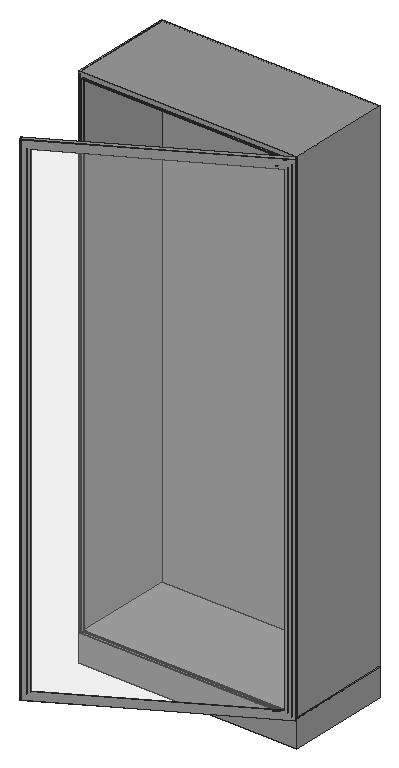
Revit family "Hager-Univers-IP55-D400-H1950-Cl.II-Steel_encl-NoHosted-PT-pt", category Electrical Equipment, Revit 2020
Family settings
  Panel Configuration = Two Columns, Circuits Across
  Round Connector Dimension = Use Diameter
  Part Type = Panelboard
  Work Plane-Based = Yes
  Always vertical = Yes
  Cut with Voids When Loaded = No
  Shared = No
  Room Calculation Point = No
Parameters (values of type "Instalação de piso IP55 L800 A1950 P400  - FR23U1")
  Width Control [instance] = if([EF000008 - Largura] > Min Width, [EF000008 - Largura], Min Width)  # 800 mm
  Type Comments = [HG000003 - Gama]  # "Univers"
  Thickness Door [instance] = if([EF009171 - Espessura do material da porta/tampa] > 3 mm, 3 mm, [EF009171 - Espessura do material da porta/tampa])  # 1.5 mm
  Seal Frame Offset [instance] = 17 mm  # constant formula
  Plinth Visibility [instance] = [HG000027 - Altura da Plinta] > 0 mm  # yes
  Min Width [instance] = 100 mm  # constant formula
  Min Depth [instance] = (2 * [EF009170 - Espessura do material do invólucro]) + 1 mm  # 4 mm
  Min Height [instance] = 100 mm  # constant formula
  Internal Frame Depth [instance] = (Door System Depth * 0.5)  # 9 mm
  Panel Name [instance] = ""  # (empty or 0)
  Model = ""
  HG000027 - Altura da Plinta = 100 mm
  HG000026 - Instalação no chão = yes
  HG000024 - Altura da secção inferior = 600 mm
  HG000023 - Recinto de secção dupla = no
  HG000016 - Visibilidade da porta 3D [instance] = yes
  HG000015 - Visibilidade através da porta [instance] = no
  HG000014 - Porta à direita [instance] = yes
  HG000013 - Porta à esquerda [instance] = not([HG000014 - Porta à direita])  # no
  HG000012 - Ângulo de abertura de porta [instance] = 30.00°
  HG000010 - Portas assimétricas = no
  HG000009 - Porta dupla = no
  HG000006 - Encastrado = no
  HG000004 - Referência do Fabricante = "FR23U1"
  HG000003 - Gama = "Univers"
  HG000002 - Com porta ou tampa = yes
  Frame Offset Bottom [instance] = 10 mm  # constant formula
  Frame Offset [instance] = 15 mm  # constant formula
  EF015940 - Tampa com libertação de sobrepressão = no
  EF011959 - Grau de proteção (NEMA) = ""
  EF009554 - Número de aberturas para placas de flange = 6
  EF009212 - Tipo de tampa = "EV000116 - Fechado"
  EF009171 - Espessura do material da porta/tampa = 1.5 mm
  EF009170 - Espessura do material do invólucro = 1.5 mm
  EF008873 - Corrente nominal (In) = 800 A
  EF007800 - Adequado para proteção contra raios = no
  EF006306 - Com fecho = no
  EF006244 - Tampa/porta transparente = yes
  EF005474 - Grau de proteção (IP) = "EV006420 - IP55"
  EF004464 - Tipo de porta = "EV002646 - Único"
  EF004427 - Número de módulos = 432
  EF004293 - Força de impacto = "EV008784 - IK10"
  EF003532 - Adequado para uso no exterior = no
  EF002950 - Largura em número de módulos = 24
  EF001613 - Integridade do circuito = "EV000494 - Nenhum"
  EF001596 - Material do corpo = "EV000179 - Aço"
  EF001131 - Profundidade interior = 400 mm
  EF001088 - Extensão possível = yes
  EF000437 - Número de entradas de condutores = 6
  EF000339 - Tipo de difusor = "EV004216 - Porta"
  EF000266 - Número de linhas = 12
  EF000218 - Profundidade incorporada = 0 mm
  EF000118 - Com tampa de montagem = no
  EF000116 - Número RAL = "7035"
  EF000049 - Profundidade = 400 mm
  EF000040 - Altura = 1950 mm
  EF000008 - Largura = 800 mm
  EF000007 - Cor = "EV000270 - Cinzento"
  EF000003 - Método de montagem = "EV012274 - Instalação de piso"
  Door System Leaf Tolerance [instance] = 1.5 mm  # constant formula
  Door System Depth [instance] = 18 mm  # constant formula
  Door Height [instance] = Height Control - [HG000027 - Altura da Plinta]  # 1850 mm
  Description = ""
  Default Elevation = 1219.2 mm
  Connector Offset [instance] = Height Control / 2  # 975 mm
  Manufacturer = "Hager"  # constant formula
  Height Control [instance] = if([EF000040 - Altura] > Min Height, [EF000040 - Altura], Min Height)  # 1950 mm
  Depth Control [instance] = if([EF000049 - Profundidade] > Min Depth, [EF000049 - Profundidade], Min Depth)  # 400 mm
  Bottom Top Plate Trim [instance] = 1.5 mm  # constant formula
  Plinth height Ctrl [instance] = if([HG000027 - Altura da Plinta] > 0 mm, [HG000027 - Altura da Plinta], 12 mm)  # 100 mm
Types (11, lengths in mm): name | Width Control | HG000010 - Portas assimétricas | HG000009 - Porta dupla | HG000004 - Referência do Fabricante | EF009554 - Número de aberturas para placas de flange | EF006244 - Tampa/porta transparente | EF004464 - Tipo de porta | EF004427 - Número de módulos | EF000437 - Número de entradas de condutores | EF000008 - Largura
  Instalação de piso IP55 L1050 A1950 P400  - FR24H1 | 1050 | yes | yes | "FR24H1" | 8 | no | "EV003602 - Duplo" | 576 | 8 | 1050
  Instalação de piso IP55 L1050 A1950 P400  - FR24U1 | 1050 | yes | yes | "FR24U1" | 8 | yes | "EV003602 - Duplo" | 576 | 8 | 1050
  Instalação de piso IP55 L1300 A1950 P400  - FR25H1 | 1300 | yes | yes | "FR25H1" | 10 | no | "EV003602 - Duplo" | 720 | 10 | 1300
  Instalação de piso IP55 L1300 A1950 P400  - FR25U1 | 1300 | yes | yes | "FR25U1" | 10 | yes | "EV003602 - Duplo" | 720 | 10 | 1300
  Instalação de piso IP55 L1550 A1950 P400  - FR26H1 | 1550 | yes | yes | "FR26H1" | 12 | no | "EV003602 - Duplo" | 864 | 12 | 1550
  Instalação de piso IP55 L1550 A1950 P400  - FR26U1 | 1550 | yes | yes | "FR26U1" | 12 | yes | "EV003602 - Duplo" | 864 | 12 | 1550
  Instalação de piso IP55 L300 A1950 P400  - FR21H1 | 300 | no | no | "FR21H1" | 2 | no | "EV002646 - Único" | 144 | 2 | 300
  Instalação de piso IP55 L550 A1950 P400  - FR22H1 | 550 | no | no | "FR22H1" | 4 | no | "EV002646 - Único" | 288 | 4 | 550
  Instalação de piso IP55 L550 A1950 P400  - FR22U1 | 550 | no | no | "FR22U1" | 4 | yes | "EV002646 - Único" | 288 | 4 | 550
  Instalação de piso IP55 L800 A1950 P400  - FR23H1 | 800 | no | no | "FR23H1" | 6 | no | "EV002646 - Único" | 432 | 6 | 800
  Instalação de piso IP55 L800 A1950 P400  - FR23U1 | 800 | no | no | "FR23U1" | 6 | yes | "EV002646 - Único" | 432 | 6 | 800
Reference planes
  plane 1 "Center (Front/Back)": y = 0
  plane 2: z = 0
  plane 3 "Center (Left/Right)": x = 0
  plane 4: y = 0
  plane 5: y = 0
  plane 6: z = 0
  plane 7: x = -400
  plane 8: x = 400
  plane 9: x = 398.5
  plane 10: x = -398.5
  plane 11: z = 100
  plane 12: z = 101.5
  plane 13: y = -400
  plane 14: y = -1.5
  plane 15: x = 0
  plane 16: y = -382
  plane 17: y = -398.5
  plane 18: y = -380.5
  plane 19: x = -383.5
  plane 20: x = 383.5
  plane 21: z = 111.5
  plane 22: x = -383
  plane 23: x = 383
  plane 24: z = 100
  plane 25: z = 1950
  plane 26: z = 1950
  plane 27: z = 1933.5
  plane 28: z = 1948.5
Forms (mm)
  Extrusion 1, solid, material "Hager_Steel_RAL7035_Light_Grey", detail levels medium+fine
    sketch origin (-208.679, -4572, 100) x (-1, 0, 0) y (0, -1, 0)
      loop
        line (191.321, -4190) -> (-608.679, -4190) -> (-608.679, -4572) -> (191.321, -4572) -> (191.321, -4190)
    from 0 to 1850
  Extrusion 2, void
    sketch origin (-350.771, -400, 1219.2) x (1, 0, 0) y (0, 0, 1)
      loop
        line (-47.729, 729.3) -> (-47.729, -1117.7) -> (749.271, -1117.7) -> (749.271, 729.3) -> (-47.729, 729.3)
    from -19.5 to -398.5
  Extrusion 3, void
    sketch origin (-290.084, -382, 1219.2) x (1, 0, 0) y (0, 0, 1)
      loop
        line (-93.416, -1107.7) -> (673.584, -1107.7) -> (673.584, 714.3) -> (-93.416, 714.3) -> (-93.416, -1107.7)
    from 0 to -1.5
  Extrusion 4, solid, material "Hager_Steel_RAL7035_Light_Grey", visible <- "Plinth Visibility", detail levels medium+fine
    sketch origin (0, 0, 0) x (1, 0, 0) y (0, 1, 0)
      loop
        line (-400, 0) -> (-400, -382) -> (400, -382) -> (400, 0) -> (-400, 0)
    from 0 to 100 <- "Plinth height Ctrl"
  Extrusion 5, solid, material "Hager_Steel_RAL7035_Light_Grey", detail levels coarse
    sketch origin (0, 0, 0) x (1, 0, 0) y (0, 1, 0)
      loop
        line (-400, 0) -> (-400, -400) -> (400, -400) -> (400, 0) -> (-400, 0)
    from 0 to 1950 <- "Height Control"
  Sweep 6, void
    path in 3D
      loop
        line (-400, -382, 100) -> (400, -382, 100) -> (400, 0, 100) -> (-400, 0, 100) -> (-400, -382, 100)
    profile origin (-400, -191, 100) x (1, 0, 0) y (0, 0, 1)
      loop
        line (0, 0) -> (0, -1.5) -> (1.5, -1.5)
        arc (1.5, -1.5) -> (1.061, -0.439) -> (0, 0) r 1.5
  Extrusion 7, solid, material "Hager_Steel_RAL7035_Light_Grey", detail levels fine
    sketch origin (-400, -382, 100) x (1, 0, 0) y (0, 0, 1)
      loop
        line (16.5, 11.5) -> (783.5, 11.5) -> (783.5, 1833.5) -> (16.5, 1833.5) -> (16.5, 11.5)
      loop
        line (15, 10) -> (785, 10) -> (785, 1835) -> (15, 1835) -> (15, 10)
    from 0 to 9 <- "Internal Frame Depth"
Cuts and joins
  Extrusion 2, Extrusion 3 cuts Extrusion 1
  Sweep 6 cuts Extrusion 4
Lines and regions (mm)
  Masking region 1
    outline origin (0, 0, 0) x (1, 0, 0) y (0, 1, 0)
      loop
        line (-400, 0) -> (-400, -400) -> (400, -400) -> (400, 0) -> (-400, 0)
  Masking region 2, detail levels coarse
    outline origin (-290.084, -382, 1219.2) x (-1, 0, 0) y (0, 0, 1)
      loop
        line (-690.084, -1219.2) -> (109.916, -1219.2) -> (109.916, 730.8) -> (-690.084, 730.8) -> (-690.084, -1219.2)
  Masking region 3, detail levels coarse
    outline origin (0, 0, 0) x (0, 1, 0) y (0, 0, 1)
      loop
        line (0, 0) -> (0, 1950) -> (-400, 1950) -> (-400, 0) -> (0, 0)
  Masking region 4, visible <- "Plinth Visibility", detail levels medium+fine
    outline origin (0, 0, 0) x (0, 1, 0) y (0, 0, 1)
      loop
        line (-1.5, 100) -> (-380.5, 100)
        arc (-380.5, 100) -> (-380.939, 98.939) -> (-382, 98.5) r 1.5
        line (-382, 98.5) -> (-382, 0) -> (0, 0) -> (0, 98.5)
        arc (0, 98.5) -> (-1.061, 98.939) -> (-1.5, 100) r 1.5
  Masking region 5, detail levels medium+fine
    outline origin (0, 0, 594.038) x (0, 1, 0) y (0, 0, 1)
      loop
        line (0, -494.038) -> (0, 1355.962) -> (-382, 1355.962) -> (-382, -494.038) -> (0, -494.038)
  Masking region 6, detail levels medium+fine
    outline origin (-359.7, -382, 1211.883) x (-1, 0, 0) y (0, 0, 1)
      loop
        line (-759.7, -1111.883) -> (40.3, -1111.883) -> (40.3, 738.117) -> (-759.7, 738.117) -> (-759.7, -1111.883)
  Masking region 7, visible <- "Plinth Visibility", detail levels medium+fine
    outline origin (-320.334, -382, 1041.368) x (-1, 0, 0) y (0, 0, 1)
      loop
        line (-720.334, -1041.368) -> (79.666, -1041.368) -> (79.666, -942.868)
        arc (79.666, -942.868) -> (78.606, -942.429) -> (78.166, -941.368) r 1.5
        line (78.166, -941.368) -> (-718.834, -941.368)
        arc (-718.834, -941.368) -> (-719.273, -942.429) -> (-720.334, -942.868) r 1.5
        line (-720.334, -942.868) -> (-720.334, -1041.368)
  sketch lines
    curve 1: line (-400, 0, 100) -> (-400, -382, 100)
    curve 2: line (-400, -382, 100) -> (400, -382, 100)
    curve 3: line (400, 0, 100) -> (-400, 0, 100)
    curve 4: line (400, -382, 100) -> (400, 0, 100)
Dimensions and locks
  locked: plane 1 "Center (Front/Back)" to plane 5
  "EF009170 - Espessura do material do invólucro": plane 7 to plane 10
  "EF009170 - Espessura do material do invólucro": plane 8 to plane 9
  equal spacing: plane 7, plane 3 "Center (Left/Right)", plane 8
  "Width Control": plane 7 to plane 8
  "Depth Control": plane 4 to plane 13
  "EF009170 - Espessura do material do invólucro": plane 4 to plane 14
  "Height Control": plane 25 to level
  "HG000027 - Altura da Plinta": plane 11 to level
  "EF009170 - Espessura do material do invólucro": plane 12 to plane 11
  "EF009170 - Espessura do material do invólucro": plane 17 to plane 13
  "EF009170 - Espessura do material do invólucro": plane 18 to plane 16
  "Frame Offset Bottom": plane 21 to plane 12
  "Frame Offset": plane 10 to plane 19
  "Frame Offset": plane 9 to plane 20
  "Door System Depth": plane 16 to plane 13
  "Seal Frame Offset": plane 7 to plane 22
  "Seal Frame Offset": plane 8 to plane 23
  "EF009170 - Espessura do material do invólucro": plane 26 to plane 28
  "Frame Offset": plane 28 to plane 27
  "Connector Offset": plane 2 to connector elem
  "Bottom Top Plate Trim": profile plane to Sweep 6 sketch curve
  "Bottom Top Plate Trim": Sweep 6 sketch curve to Sweep 6 sketch curve
  "Plinth height Ctrl": Masking region 4 sketch curve to level
  "Plinth height Ctrl": Masking region 7 sketch curve to level
  "Thickness Door": Extrusion 7 sketch curve to Extrusion 7 sketch curve  (x4)
  "Bottom Top Plate Trim": radius of Sweep 6 sketch curve
  "Bottom Top Plate Trim": radius of Masking region 4 sketch curve  (x2)
  "Bottom Top Plate Trim": radius of Masking region 7 sketch curve  (x2)
  aligned and locked: Extrusion 2 sketch curve to plane 12
  aligned and locked: Extrusion 2 sketch curve to plane 9
  aligned and locked: Extrusion 2 sketch curve to plane 10
  aligned and locked: Extrusion 2 to plane 14
  aligned and locked: Extrusion 1 sketch curve to plane 4
  aligned and locked: plane 8 to Extrusion 1 sketch curve
  aligned and locked: plane 7 to Extrusion 1 sketch curve
  aligned and locked: Extrusion 2 to plane 18
  aligned and locked: Extrusion 3 sketch curve to plane 19
  aligned and locked: plane 20 to Extrusion 3 sketch curve
  aligned and locked: Extrusion 3 to Extrusion 2
  aligned and locked: Extrusion 3 sketch curve to plane 21
  aligned and locked: plane 3 "Center (Left/Right)" to nested 1
  aligned and locked: Extrusion 1 sketch curve to plane 16
  aligned and locked: Extrusion 4 sketch curve to cut or joined group of Extrusion 1, Extrusion 2, Extrusion 3
  aligned and locked: Masking region 1 sketch curve to plane 7
  aligned and locked: Masking region 1 sketch curve to plane 5
  aligned and locked: Masking region 1 sketch curve to plane 8
  aligned and locked: Masking region 2 sketch curve to level
  aligned and locked: level to Masking region 3 sketch curve
  aligned and locked: plane 1 "Center (Front/Back)" to Masking region 3 sketch curve
  aligned and locked: plane 13 to Masking region 3 sketch curve
  aligned and locked: plane 5 to Masking region 4 sketch curve
  aligned and locked: Masking region 2 sketch curve to plane 8
  aligned and locked: Masking region 2 sketch curve to plane 7
  aligned and locked: plane 7 to nested 2
  aligned and locked: nested 2 to plane 5
  aligned and locked: plane 5 to Masking region 5 sketch curve
  aligned and locked: plane 26 to Masking region 5 sketch curve
  aligned and locked: Extrusion 5 sketch curve to plane 8
  aligned and locked: Extrusion 5 sketch curve to plane 7
  aligned and locked: Extrusion 5 sketch curve to plane 5
  aligned and locked: Extrusion 3 sketch curve to plane 27
  aligned and locked: Extrusion 2 sketch curve to plane 28
  aligned and locked: Masking region 2 to plane 25
  aligned and locked: Extrusion 4 to plane 16
  aligned and locked: profile plane to Sweep 6 sketch curve
  aligned and locked: Masking region 5 sketch curve to plane 24
  aligned and locked: level to Masking region 4 sketch curve
  aligned and locked: Masking region 1 to plane 13
  aligned and locked: nested 1 to plane 16
  aligned and locked: Masking region 3 to plane 25
  aligned and locked: plane 16 to Masking region 4 sketch curve
  aligned and locked: Masking region 5 sketch curve to plane 16
  aligned and locked: plane 24 to plane 11
  aligned and locked: plane 26 to plane 25
  aligned and locked: plane 26 to cut or joined group of Extrusion 1, Extrusion 2, Extrusion 3
  aligned and locked: nested 1 to plane 24
  aligned and locked: Extrusion 1 to Extrusion 3
  aligned and locked: Masking region 6 sketch curve to plane 8
  aligned and locked: Masking region 6 sketch curve to plane 24
  aligned and locked: Masking region 6 sketch curve to plane 7
  aligned and locked: Masking region 6 sketch curve to plane 26
  aligned and locked: Masking region 7 sketch curve to plane 7
  aligned and locked: level to Masking region 7 sketch curve
  aligned and locked: Masking region 7 sketch curve to plane 8
  aligned and locked: Extrusion 7 sketch curve to cut or joined group of Extrusion 1, Extrusion 2, Extrusion 3  (x4)
Automatic sketch dimensions
  plane 19 to Extrusion 3 sketch curve = 0 mm
  Extrusion 3 sketch curve to plane 20 = 0 mm
  Extrusion 3 sketch curve to plane 21 = 0 mm
  Extrusion 4 sketch curve to plane 7 = 0 mm
  Extrusion 4 sketch curve to plane 8 = 0 mm
  Extrusion 4 sketch curve to plane 16 = 0 mm
  Masking region 1 sketch curve to plane 13 = 0 mm
  Masking region 2 sketch curve to plane 25 = 0 mm
  Masking region 3 sketch curve to plane 25 = 0 mm
  Extrusion 5 sketch curve to plane 13 = 0 mm
  profile plane to Sweep 6 sketch curve = 0 mm
Nested families
  nested 1: "EC000058_Univers_Door" at (0, -382, 100), Double <- "HG000009 - Porta dupla", Transparent <- "EF006244 - Tampa/porta transparente", Angle <- "HG000012 - Ângulo de abertura de porta", Door_Right <- "HG000014 - Porta à direita", Assymetrical <- "HG000010 - Portas assimétricas", Door <- "HG000002 - Com porta ou tampa", Width_Ctrl <- "Width Control", 3d_Door <- "HG000016 - Visibilidade da porta 3D", Clearance <- "HG000015 - Visibilidade através da porta", Door_Left <- "HG000013 - Porta à esquerda", Width <- "Width Control", Door_Depth <- "Door System Depth", Leaf_Tolerance <- "Door System Leaf Tolerance", Height <- "Door Height", Lock_Visibility <- "EF006306 - Com fecho", Thickness <- "Thickness Door", type "EC000058_Univers_Door", detail levels medium+fine
    with min_wh 4 mm, Width_Ctrl 800 mm, Width 800 mm, Transparent yes, Thickness 1.5 mm, Seal_Material Hager_Rubber, Lock_Visibility no, Lock_Material Hager_Plastic_RAL9005_Jet_Black, Leaf_Width 800 mm, Leaf_Tolerance_External_Sides 0 mm, Leaf_Tolerance 1.5 mm, Leaf_Offset 0 mm, Leaf_Height 1847 mm, Leaf_2_Width 800 mm, Leaf_2_Offset 400 mm, Leaf_1_Width 800 mm, Leaf_1_Offset 400 mm, Height_Ctrl 1850 mm, Height 1850 mm, Glass_Material Hager_Glass, Double_Clearance_Ctrl no, Double no, Door_Right_Ctrl yes, Door_Right yes, Door_Material Hager_Steel_RAL7035_Light_Grey, Door_Left_Ctrl no, Door_Left no, Door_Depth 18 mm, Door yes, Clearance_Material Hager_Clearance, Clearance_Depth 800 mm, Clearance_Ctrl no, Clearance no, Assymetrical no, Angle 30.00°, 3d_Door yes
  nested 2: "Hager_Enclosure_Symbol" at (-400, 0, 0), Height <- "Depth Control", Width <- "Width Control", type "Hager_Enclosure_Symbol"
    with Width_Ctrl 800 mm, Width 800 mm, Height_Ctrl 400 mm, Height 400 mm, A_Width_Int 26.25 mm, A_Width 315 mm, A_Height_Ctrl 350 mm, A_Height 350 mm
Connectors
  electrical at (0, 0, 975)
    settings: on plane 1 "Center (Front/Back)", index 1, voltage 0 V, apparent load 0 VA, apparent load phase1 0 VA, apparent load phase2 0 VA, apparent load phase3 0 VA, power factor 1, load classification "Other", number of poles 1, system type 30, power factor state 1, is connector primary yes, connector utility no, sub classification motor no, connector description ""
Definition of nested family "EC000058_Univers_Door"
  Parameters (values of type "EC000058_Univers_Door")
    min_wh [instance] = (2 * Thickness) + 1 mm  # 11 mm
    Width_Ctrl [instance] = 400 mm
    Width [instance] = 500 mm
    Transparent [instance] = yes
    Thickness [instance] = 5 mm
    Seal_Material [instance] = none
    Lock_Visibility [instance] = yes
    Lock_Material [instance] = none
    Leaf_Width [instance] = if((Width_Ctrl - 2 * Leaf_Tolerance_External_Sides) > 0 mm, (Width_Ctrl - 2 * Leaf_Tolerance_External_Sides), min_wh)  # 400 mm
    Leaf_Tolerance_External_Sides [instance] = 0 mm  # constant formula
    Leaf_Tolerance [instance] = 1.5 mm
    Leaf_Offset [instance] = 0 mm  # constant formula
    Leaf_Height [instance] = if((Height_Ctrl - 2 * Leaf_Tolerance) > 0 mm, (Height_Ctrl - 2 * Leaf_Tolerance), min_wh)  # 497 mm
    Leaf_2_Width [instance] = if(and(and(Double, Assymetrical), Door_Left), (Leaf_Width / 3) - (Leaf_Tolerance / 2), if(and(and(Double, Assymetrical), Door_Right), (Leaf_Width / 3) * 2 - (Leaf_Tolerance / 2), if(and(Double, not(Assymetrical)), (Leaf_Width / 2) - Leaf_Tolerance, Leaf_Width)))  # 400 mm
    Leaf_2_Offset [instance] = if(and(Double, Assymetrical), Leaf_2_Width / 2, if(and(Double, not(Assymetrical)), Leaf_Width / 4, Leaf_Width / 2))  # 200 mm
    Leaf_1_Width [instance] = if(and(and(Double, Assymetrical), Door_Right), (Leaf_Width / 3) - (Leaf_Tolerance / 2), if(and(and(Double, Assymetrical), Door_Left), (Width / 3) * 2 - (Leaf_Tolerance / 2), if(and(Double, not(Assymetrical)), (Leaf_Width / 2) - Leaf_Tolerance, Leaf_Width)))  # 400 mm
    Leaf_1_Offset [instance] = if(and(Double, Assymetrical), Leaf_1_Width / 2, if(and(Double, not(Assymetrical)), Leaf_Width / 4, Leaf_Width / 2))  # 200 mm
    Height_Ctrl [instance] = if(Height > min_wh, Height, min_wh)  # 500 mm
    Height [instance] = 500 mm
    Glass_Material [instance] = none
    Double_Clearance_Ctrl [instance] = and(Double, Clearance)  # no
    Double [instance] = no
    Door_Right_Ctrl [instance] = and(or(Door_Right, Double), Door)  # yes
    Door_Right [instance] = yes
    Door_Material [instance] = none
    Door_Left_Ctrl [instance] = and(or(Door_Left, Double), Door)  # no
    Door_Left [instance] = no
    Door_Depth [instance] = 30 mm
    Door [instance] = yes
    Default Elevation = 1219.2 mm
    Clearance_Material [instance] = none
    Clearance_Depth [instance] = if(Leaf_1_Width > Leaf_2_Width, Leaf_1_Width, Leaf_2_Width)  # 400 mm
    Clearance_Ctrl [instance] = and(not(Double), Clearance)  # yes
    Clearance [instance] = yes
    Assymetrical [instance] = yes
    Angle [instance] = 30.00°
    3d_Door [instance] = yes
  Reference planes
    plane 1 "Center (Front/Back)": y = 0
    plane 2 "Bottom": z = 0
    plane 3 "Center (Left/Right)": x = 0
    plane 4: z = 500
    plane 5: x = -200
    plane 6: x = 200
    plane 7: z = 500
    plane 8: x = -200
    plane 9: z = 0
    plane 10: x = 200
    plane 11: y = 0
    plane 12: z = 1.5
    plane 13: x = -600
    plane 14: y = -400
    plane 15: x = 600
    plane 16: x = 0
    plane 17: x = 0
    plane 18: x = -200
    plane 19: x = 200
    plane 20: z = 498.5
  Forms (mm)
    Extrusion 1, solid, material <- "Clearance_Material", visible <- "Double_Clearance_Ctrl"
      sketch origin (1200, 0, 0) x (1, 0, 0) y (0, 0, -1)
        loop
          line (-1800, -498.5) -> (-600, -498.5) -> (-600, 0) -> (-1800, 0) -> (-1800, -498.5)
      from 0 to -400
  Dimensions and locks
    equal spacing: plane 5, plane 3 "Center (Left/Right)", plane 6
    "Width_Ctrl": plane 5 to plane 6
    "Leaf_Offset": plane 5 to plane 8
    "Leaf_Offset": plane 6 to plane 10
    "Leaf_Offset": plane 9 to level
    "Leaf_Offset": plane 4 to plane 7
    "Height_Ctrl": plane 4 to level
    "Leaf_Tolerance": plane 12 to plane 9
    locked: plane 11 to plane 1 "Center (Front/Back)"
    "Leaf_1_Offset": plane 18 to plane 16
    "Leaf_2_Offset": plane 17 to plane 19
    "Leaf_1_Width": plane 13 to plane 8
    "Leaf_2_Width": plane 10 to plane 15
    "Clearance_Depth": plane 14 to plane 1 "Center (Front/Back)"
    "Leaf_Tolerance_External_Sides": plane 8 to plane 18
    "Leaf_Tolerance_External_Sides": plane 19 to plane 10
    "Leaf_Tolerance": plane 7 to plane 20
    aligned and locked: level to plane 2 "Bottom"
    aligned and locked: nested 1 to plane 16
    aligned and locked: nested 2 to plane 17
    aligned and locked: Extrusion 1 to plane 13
    aligned and locked: plane 15 to Extrusion 1
    aligned and locked: Extrusion 1 to plane 14
    aligned and locked: plane 12 to nested 1
    aligned and locked: nested 2 to plane 12
    aligned and locked: Extrusion 1 to plane 11
    aligned and locked: plane 20 to Extrusion 1
    aligned and locked: nested 2 to plane 11
    aligned and locked: nested 1 to plane 11
  Automatic sketch dimensions
    Extrusion 1 sketch curve to level = 0 mm
    plane 5 to Extrusion 1 sketch curve = 400 mm
    plane 6 to Extrusion 1 sketch curve = 400 mm
    Extrusion 1 sketch curve to plane 4 = 1.5 mm
  Nested families
    nested 1: "EC000058_Univers_Door_Leaf" at (0, 0, 1.5), Width <- "Leaf_1_Width", visible <- "Door_Left_Ctrl", Leaf_Height <- "Leaf_Height", Angle <- "Angle", 3d_Door <- "3d_Door", Transparent <- "Transparent", Clearance Material <- "Clearance_Material", Clearance <- "Clearance_Ctrl", Door_Material <- "Door_Material", Glass_Material <- "Glass_Material", Door_Depth <- "Door_Depth", Lock_Material <- "Lock_Material", Seal_Material <- "Seal_Material", Lock_Visibility <- "Lock_Visibility", Thickness <- "Thickness", type "EC000058_Univers_Door_Leaf"
      with Width 400 mm, Transparent_Glass_Offset 30 mm, Transparent_Ctrl yes, Transparent yes, Thickness 5 mm, Standard no, Seal_Material none, Seal_D2 8 mm, Seal_D1 1 mm, Offset_Internal_Frame 10 mm, Lock_Width 20 mm, Lock_Visibility_3d yes, Lock_Visibility yes, Lock_Thickness_3 3 mm, Lock_Thickness_2 1 mm, Lock_Thickness_1 3 mm, Lock_Radius_Offset_2 16 mm, Lock_Radius_Offset_1 15 mm, Lock_Radius_2 5 mm, Lock_Radius 6 mm, Lock_Offset 5 mm, Lock_Material none, Lock_Height 80 mm, Lock_Cover_Top_Offset_2d 17 mm, Lock_Cover_Height -65 mm, Leaf_Height 497 mm, Internal_Seal_Thickness 8 mm, Internal_Seal_Depth_2 4.5 mm, Internal_Frame_Depth 25 mm, Glass_Thickness -1 mm, Glass_Offset -2 mm, Glass_Material none, Door_Material none, Door_Depth 30 mm, Clearance Material none, Clearance yes, Angle_Ctrl 30.00°, Angle 30.00°, 3d_Door yes
    nested 2: "EC000058_Univers_Door_Leaf" at (0, 0, 1.5) x (-1, 0, 0) z (0, 0, 1), Width <- "Leaf_2_Width", visible <- "Door_Right_Ctrl", Leaf_Height <- "Leaf_Height", Angle <- "Angle", 3d_Door <- "3d_Door", Transparent <- "Transparent", Clearance Material <- "Clearance_Material", Clearance <- "Clearance_Ctrl", Door_Material <- "Door_Material", Glass_Material <- "Glass_Material", Door_Depth <- "Door_Depth", Lock_Material <- "Lock_Material", Seal_Material <- "Seal_Material", Lock_Visibility <- "Lock_Visibility", Thickness <- "Thickness", type "EC000058_Univers_Door_Leaf"
      with Width 400 mm, Transparent_Glass_Offset 30 mm, Transparent_Ctrl yes, Transparent yes, Thickness 5 mm, Standard no, Seal_Material none, Seal_D2 8 mm, Seal_D1 1 mm, Offset_Internal_Frame 10 mm, Lock_Width 20 mm, Lock_Visibility_3d yes, Lock_Visibility yes, Lock_Thickness_3 3 mm, Lock_Thickness_2 1 mm, Lock_Thickness_1 3 mm, Lock_Radius_Offset_2 16 mm, Lock_Radius_Offset_1 15 mm, Lock_Radius_2 5 mm, Lock_Radius 6 mm, Lock_Offset 5 mm, Lock_Material none, Lock_Height 80 mm, Lock_Cover_Top_Offset_2d 17 mm, Lock_Cover_Height -65 mm, Leaf_Height 497 mm, Internal_Seal_Thickness 8 mm, Internal_Seal_Depth_2 4.5 mm, Internal_Frame_Depth 25 mm, Glass_Thickness -1 mm, Glass_Offset -2 mm, Glass_Material none, Door_Material none, Door_Depth 30 mm, Clearance Material none, Clearance yes, Angle_Ctrl 30.00°, Angle 30.00°, 3d_Door yes
  Definition of nested family "EC000058_Univers_Door_Leaf"
    Parameters (values of type "EC000058_Univers_Door_Leaf")
      Width [instance] = 2000 mm
      Transparent_Glass_Offset [instance] = 30 mm
      Transparent_Ctrl [instance] = and(Transparent, [3d_Door])  # yes
      Transparent [instance] = yes
      Thickness [instance] = 5 mm
      Standard [instance] = and(not(Transparent), [3d_Door])  # no
      Seal_Material [instance] = none
      Seal_D2 [instance] = 8 mm  # constant formula
      Seal_D1 [instance] = 1 mm  # constant formula
      Offset_Internal_Frame [instance] = 10 mm  # constant formula
      Lock_Width [instance] = 20 mm  # constant formula
      Lock_Visibility_3d [instance] = and(Lock_Visibility, [3d_Door])  # yes
      Lock_Visibility [instance] = yes
      Lock_Thickness_3 [instance] = 3 mm  # constant formula
      Lock_Thickness_2 [instance] = 1 mm  # constant formula
      Lock_Thickness_1 [instance] = 3 mm  # constant formula
      Lock_Radius_Offset_2 [instance] = Lock_Radius_Offset_1 + 1 mm  # 16 mm
      Lock_Radius_Offset_1 [instance] = 15 mm  # constant formula
      Lock_Radius_2 [instance] = Lock_Radius - 1 mm  # 5 mm
      Lock_Radius [instance] = 6 mm  # constant formula
      Lock_Offset [instance] = 5 mm  # constant formula
      Lock_Material [instance] = none
      Lock_Height [instance] = 80 mm  # constant formula
      Lock_Cover_Top_Offset_2d [instance] = Lock_Radius_Offset_2 + 1 mm  # 17 mm
      Lock_Cover_Height [instance] = -(Lock_Height - Lock_Radius_Offset_1)  # -65 mm
      Leaf_Height [instance] = 2720.336 mm
      Internal_Seal_Thickness [instance] = 8 mm  # constant formula
      Internal_Seal_Depth_2 [instance] = 4.5 mm  # constant formula
      Internal_Frame_Depth [instance] = if(Door_Depth - Thickness > 5 mm, Door_Depth - Thickness, 5 mm)  # 25 mm
      Glass_Thickness [instance] = if(Thickness > 15 mm, Glass_Offset + 10 mm, -1 mm)  # -1 mm
      Glass_Offset [instance] = if(Thickness > 15 mm, -(Thickness + 10 mm) / 2, -2 mm)  # -2 mm
      Glass_Material [instance] = none
      Door_Material [instance] = none
      Door_Depth [instance] = 30 mm
      Default Elevation = 0 mm
      Clearance Material [instance] = none
      Clearance [instance] = yes
      Angle_Ctrl [instance] = if(Angle > 180.00°, 180.00°, Angle)  # 90.00°
      Angle [instance] = 90.00°
      3d_Door [instance] = yes
    Reference planes
      plane 1 "Center (Front/Back)": y = 0
      plane 2: z = 0
      plane 3 "Center (Left/Right)": x = 0
      plane 4: y = 2000
      plane 5: x = -1000
      plane 6: x = 1000
      plane 7: x = -3000
      plane 8: z = 2720.336
      plane 9: z = 30
      plane 10: z = 2690.336
      plane 11: x = 970
      plane 12: x = -970
      plane 13: y = -3
      plane 14: z = 107.833
      plane 15: y = -5
      plane 16: y = -223.314
      plane 17: x = -1000
      plane 18: z = 1360.168
      plane 19: y = 30
    Forms (mm)
      Extrusion 1, solid, material <- "Clearance Material", visible <- "Clearance"
        sketch origin (0, 0, 0) x (1, 0, 0) y (0, 0, 1)
          loop
            line (-3000, 2720.336) -> (-3000, 0) -> (1000, 0) -> (1000, 2720.336) -> (-3000, 2720.336)
        from 0 to -2000
      Extrusion 2, solid, material <- "Door_Material", visible <- "Standard", detail levels medium+fine
        sketch origin (-1000, 0, 0) x (0, 1, 0) y (-1, 0, 0)
          loop
            line (0, 30) -> (0, 25) -> (2000, 25) -> (2000, 30) -> (0, 30)
        from 0 to 2720.336 <- "Leaf_Height"
      Extrusion 3, solid, material <- "Door_Material", visible <- "Transparent_Ctrl", detail levels medium+fine
        sketch origin (-1000, 0, 0) x (0, 1, 0) y (-1, 0, 0)
          loop
            line (0, 25) -> (2000, 25) -> (2000, 30) -> (0, 30) -> (0, 25)
        from 0 to 2720.336 <- "Leaf_Height"
      Extrusion 4, void
        sketch origin (-1025, 2000, 0) x (0, 1, 0) y (0, 0, -1)
          loop
            line (-30, -2690.336) -> (-30, -30) -> (-1970, -30) -> (-1970, -2690.336) -> (-30, -2690.336)
        from 0 to 5 <- "Thickness"
      Sweep 5, solid, material <- "Seal_Material", visible <- "Transparent_Ctrl", detail levels fine
        path in 3D
          loop
            line (-1025, 30, 30) -> (-1025, 30, 2690.336) -> (-1025, 1970, 2690.336) -> (-1025, 1970, 30) -> (-1025, 30, 30)
        profile origin (-1025, 1000, 30) x (1, 0, 0) y (0, 0, 1)
          loop
            line (0, 0) -> (0, -8) -> (1, -8) -> (1, 0) -> (0, 0)
      Extrusion 6, solid, material <- "Glass_Material", visible <- "Transparent_Ctrl", detail levels medium+fine
        sketch origin (-1030, 0, 0) x (0, 1, 0) y (0, 0, -1)
          loop
            line (1970, -2690.336) -> (1970, -30) -> (30, -30) -> (30, -2690.336) -> (1970, -2690.336)
        from -2 <- "Glass_Offset" to -1 <- "Glass_Thickness"
      Extrusion 7, solid, material <- "Door_Material", visible <- "3d_Door", detail levels medium+fine
        sketch origin (-1025, 2000, 0) x (0, -1, 0) y (0, 0, -1)
          loop
            line (0, -2720.336) -> (2000, -2720.336) -> (2000, 0) -> (0, 0) -> (0, -2720.336)
          loop
            line (1995, -5) -> (5, -5) -> (5, -2715.336) -> (1995, -2715.336) -> (1995, -5)
        from 0 to 25 <- "Internal_Frame_Depth"
      Sweep 8, solid, material <- "Seal_Material", visible <- "Transparent_Ctrl", detail levels fine
        path in 3D
          loop
            line (-1025, 0, 0) -> (-1025, 2000, 0) -> (-1025, 2000, 2720.336) -> (-1025, 0, 2720.336) -> (-1025, 0, 0)
        profile origin (-1025, 0, 1360.168) x (1, 0, 0) y (0, 1, 0)
          loop
            line (0, 10) -> (2.975, 10)
            arc (2.975, 10) -> (4.053, 10.447) -> (4.5, 11.525) r 1.525
            line (4.5, 11.525) -> (4.5, 16.527)
            arc (4.5, 16.527) -> (4.069, 17.569) -> (3.027, 18) r 1.473
            line (3.027, 18) -> (0, 18) -> (0, 10)
      Extrusion 9, solid, material <- "Lock_Material", visible <- "Lock_Visibility_3d", detail levels fine
        sketch origin (-1030, 0, 0) x (0, 1, 0) y (0, 0, -1)
          loop
            arc (1993.5, -1400.168) -> (1994.561, -1399.729) -> (1995, -1398.668) r 1.5
            line (1995, -1398.668) -> (1995, -1320.168) -> (1975, -1320.168) -> (1975, -1398.668)
            arc (1975, -1398.668) -> (1975.439, -1399.729) -> (1976.5, -1400.168) r 1.5
            line (1976.5, -1400.168) -> (1993.5, -1400.168)
        from 3 <- "Lock_Thickness_1" to 0
      Blend 10, solid, material <- "Lock_Material", visible <- "Lock_Visibility_3d", detail levels fine
        base sketch origin (-1033, 0, 0) x (0, 1, 0) y (0, 0, -1)
          loop
            line (1975, -1320.168) -> (1975, -1398.668)
            arc (1975, -1398.668) -> (1975.439, -1399.729) -> (1976.5, -1400.168) r 1.5
            line (1976.5, -1400.168) -> (1993.5, -1400.168)
            arc (1993.5, -1400.168) -> (1994.561, -1399.729) -> (1995, -1398.668) r 1.5
            line (1995, -1398.668) -> (1995, -1320.168) -> (1975, -1320.168)
        top sketch origin (-1033, 0, 0) x (0, 1, 0) y (0, 0, -1)
          loop
            line (1976, -1320.168) -> (1976, -1398.668)
            arc (1976, -1398.668) -> (1976.146, -1399.022) -> (1976.5, -1399.168) r 0.5
            line (1976.5, -1399.168) -> (1993.5, -1399.168)
            arc (1993.5, -1399.168) -> (1993.854, -1399.022) -> (1994, -1398.668) r 0.5
            line (1994, -1398.668) -> (1994, -1320.168) -> (1976, -1320.168)
        from 0 to 1 <- "Lock_Thickness_2"
      Blend 11, solid, material <- "Lock_Material", visible <- "Lock_Visibility_3d", detail levels fine
        base sketch origin (-1034, 0, 0) x (0, 1, 0) y (0, 0, -1)
          loop
            line (1978, -1320.168) -> (1978, -1384.168)
            arc (1978, -1384.168) -> (1985, -1391.168) -> (1992, -1384.168) r 7
            line (1992, -1384.168) -> (1992, -1320.168) -> (1978, -1320.168)
        top sketch origin (-1034, 0, 0) x (0, 1, 0) y (0, 0, -1)
          loop
            line (1991, -1320.168) -> (1979, -1320.168) -> (1979, -1383.168)
            arc (1979, -1383.168) -> (1985, -1389.168) -> (1991, -1383.168) r 6
            line (1991, -1383.168) -> (1991, -1320.168)
        from 0 to 3 <- "Lock_Thickness_3"
      Extrusion 12, solid, material <- "Lock_Material", visible <- "Lock_Visibility_3d", detail levels fine
        sketch origin (-1030, 1975, 1320.168) x (1, 0, 0) y (0, -1, 0)
          loop
            line (-7, -19) -> (-7, -1) -> (0, -1) -> (0, 0) -> (-8, 0) -> (-8, -20) -> (0, -20) -> (0, -19) -> (-7, -19)
        from 0 to -65 <- "Lock_Cover_Height"
      Extrusion 13, void
        sketch origin (-1038, 1995, 1320.168) x (-1, 0, 0) y (0, 0, -1)
          loop
            line (-5, -65) -> (0, -65) -> (-5, -60) -> (-5, -65)
        from 0 to 20 <- "Lock_Width"
      Extrusion 14, void
        sketch origin (-1038, 1975, 1320.168) x (0, -1, 0) y (0, 0, -1)
          loop
            circle (-10, -15.995) r 6
          loop
            circle (-10, -15.995) r 5
        from 0 to 2
      Extrusion 15, solid, material <- "Lock_Material", visible <- "Lock_Visibility_3d", detail levels medium
        sketch origin (-1030, 0, 0) x (0, 1, 0) y (0, 0, -1)
          loop
            arc (1993.5, -1400.168) -> (1994.561, -1399.729) -> (1995, -1398.668) r 1.5
            line (1995, -1398.668) -> (1995, -1320.168) -> (1975, -1320.168) -> (1975, -1398.668)
            arc (1975, -1398.668) -> (1975.439, -1399.729) -> (1976.5, -1400.168) r 1.5
            line (1976.5, -1400.168) -> (1993.5, -1400.168)
        from 8 to 0
    Cuts and joins
      Extrusion 4 cuts Extrusion 3
      Extrusion 13, Extrusion 14 cuts Extrusion 9
      Extrusion 14 cuts Blend 11
      Extrusion 13, Extrusion 14 cuts Extrusion 12
      joined: Extrusion 9, Blend 10, Blend 11, Extrusion 12
      Extrusion 14 cuts Extrusion 15
    Lines and regions (mm)
      Masking region 1, visible <- "Lock_Visibility", detail levels fine
        outline origin (0, 0, 0) x (0, 1, 0) y (0, 0, 1)
          loop
            line (30, 1320.168) -> (33, 1320.168) -> (33, 1400.168) -> (30, 1400.168) -> (30, 1320.168)
      Masking region 2, visible <- "Lock_Visibility", detail levels fine
        outline origin (0, 3.143, 0) x (0, 1, 0) y (0, 0, 1)
          loop
            line (29.857, 1354.168) -> (30.857, 1354.168) -> (30.857, 1366.168) -> (29.857, 1366.168) -> (29.857, 1354.168)
      Masking region 3, detail levels medium+fine
        outline origin (0, 0, 0) x (0, 1, 0) y (0, 0, 1)
          loop
            line (0, 0) -> (30, 0) -> (30, 2720.336) -> (0, 2720.336) -> (0, 0)
      Masking region 4, detail levels medium+fine
        outline origin (0, 0, 0) x (1, 0, 0) y (0, 0, 1)
          loop
            line (-1000, 2720.336) -> (-1000, 0) -> (1000, 0) -> (1000, 2720.336) -> (-1000, 2720.336)
      Masking region 5, visible <- "Lock_Visibility", detail levels fine
        outline origin (-47.116, 0, 0) x (1, 0, 0) y (0, 0, 1)
          loop
            arc (1024.616, 1399.168) -> (1023.556, 1398.729) -> (1023.116, 1397.668) r 1.5
            line (1023.116, 1397.668) -> (1023.116, 1320.168) -> (1041.116, 1320.168) -> (1041.116, 1397.668)
            arc (1041.116, 1397.668) -> (1040.677, 1398.729) -> (1039.616, 1399.168) r 1.5
            line (1039.616, 1399.168) -> (1024.616, 1399.168)
      Masking region 6, visible <- "Lock_Visibility", detail levels medium+fine
        outline origin (-25, 0, 0) x (1, 0, 0) y (0, 0, 1)
          loop
            arc (1001.5, 1400.168) -> (1000.439, 1399.729) -> (1000, 1398.668) r 1.5
            line (1000, 1398.668) -> (1000, 1320.168) -> (1020, 1320.168) -> (1020, 1398.668)
            arc (1020, 1398.668) -> (1019.561, 1399.729) -> (1018.5, 1400.168) r 1.5
            line (1018.5, 1400.168) -> (1001.5, 1400.168)
      Masking region 7, visible <- "Lock_Visibility", detail levels fine
        outline origin (-73.735, 0, 0) x (1, 0, 0) y (0, 0, 1)
          loop
            line (1051.735, 1382.168) -> (1065.735, 1382.168) -> (1065.735, 1384.168)
            arc (1065.735, 1384.168) -> (1058.735, 1391.168) -> (1051.735, 1384.168) r 7
            line (1051.735, 1384.168) -> (1051.735, 1382.168)
      Masking region 8, visible <- "Lock_Visibility", detail levels fine
        outline origin (-73.735, 0, 0) x (1, 0, 0) y (0, 0, 1)
          loop
            line (1052.735, 1382.168) -> (1064.735, 1382.168) -> (1064.735, 1383.168)
            arc (1064.735, 1383.168) -> (1058.735, 1389.168) -> (1052.735, 1383.168) r 6
            line (1052.735, 1383.168) -> (1052.735, 1382.168)
      Masking region 9, visible <- "Lock_Visibility", detail levels fine
        outline origin (-25, 0, 0) x (1, 0, 0) y (0, 0, 1)
          loop
            line (1020, 1320.168) -> (1020, 1382.168) -> (1000, 1382.168) -> (1000, 1320.168) -> (1020, 1320.168)
      Masking region 10, detail levels medium+fine
        outline origin (0, 0, 0) x (1, 0, 0) y (0, 0, 1)
          loop
            circle (985, 1335.144) r 6
      Masking region 11, detail levels fine
        outline origin (0, 0, 0) x (1, 0, 0) y (0, 0, 1)
          loop
            circle (985, 1335.144) r 5
      Masking region 12, visible <- "Lock_Visibility", detail levels fine
        outline origin (0, 12.767, 0) x (0, 1, 0) y (0, 0, 1)
          loop
            line (20.233, 1320.168) -> (21.233, 1320.168) -> (21.233, 1399.168) -> (20.233, 1400.168) -> (20.233, 1320.168)
      Masking region 13, visible <- "Lock_Visibility", detail levels fine
        outline origin (0, 13.767, -10) x (0, 1, 0) y (0, 0, 1)
          loop
            line (20.233, 1330.168) -> (23.233, 1330.168) -> (23.233, 1399.168) -> (20.233, 1402.168) -> (20.233, 1330.168)
      Masking region 14, visible <- "Lock_Visibility", detail levels fine
        outline origin (0, 12.767, -10) x (0, 1, 0) y (0, 0, 1)
          loop
            line (20.233, 1330.168) -> (25.233, 1330.168) -> (25.233, 1399.305) -> (20.233, 1394.305) -> (20.233, 1330.168)
      Masking region 15, visible <- "Lock_Visibility", detail levels medium
        outline origin (0, 0, 0) x (0, 1, 0) y (0, 0, 1)
          loop
            line (30, 1320.168) -> (38, 1320.168) -> (38, 1400.168) -> (30, 1400.168) -> (30, 1320.168)
      Masking region 16, visible <- "Lock_Visibility", detail levels fine
        outline origin (-1000, 0, 0) x (0, 1, 0) y (-1, 0, 0)
          loop
            line (1975, 30) -> (1995, 30) -> (1995, 38) -> (1975, 38) -> (1975, 30)
          loop
            line (1979, 37) -> (1976, 37) -> (1976, 34) -> (1978, 34) -> (1979, 37)
          loop
            line (1994, 37) -> (1991, 37) -> (1992, 34) -> (1994, 34) -> (1994, 37)
      Masking region 17, visible <- "Lock_Visibility", detail levels medium
        outline origin (-1000, 0, 0) x (0, 1, 0) y (-1, 0, 0)
          loop
            line (1975, 30) -> (1995, 30) -> (1995, 38) -> (1975, 38) -> (1975, 30)
      symbolic lines
        curve 1: line (1000, 0, 0) -> (-3000, 0, 0)
        curve 2: arc (1000, 0, 0) -> (-1000, 2000, 0) -> (-3000, 0, 0) r 2000
        curve 4: line (-1030, 0, 0) -> (-1030, 2000, 0)
      reference lines
        curve 3: line (-1000, 0, 0) -> (-1000, 2000, 0)
      symbolic lines, detail levels medium+fine
        curve 5: line (-1030, 2000, 0) -> (-1025, 2000, 0)
        curve 7: line (-1025, 0, 0) -> (-1030, 0, 0)
        curve 8: line (-1025, 0, 0) -> (-1000, 0, 0)
        curve 9: line (-1000, 0, 0) -> (-1000, 2000, 0)
        curve 10: line (-1000, 2000, 0) -> (-1025, 2000, 0)
      symbolic lines, detail levels fine
        curve 6: line (-1025, 2000, 0) -> (-1025, 0, 0)
      sketch lines
        curve 11: line (-1025, 0, 2720.336) -> (-1025, 0, 0)
        curve 12: line (-1025, 2000, 0) -> (-1025, 0, 0)
        curve 13: line (-1025, 2000, 2720.336) -> (-1025, 2000, 0)
        curve 14: line (-1025, 0, 2720.336) -> (-1025, 2000, 2720.336)
        curve 15: line (-1025, 1970, 30) -> (-1025, 30, 30)
        curve 16: line (-1025, 30, 30) -> (-1025, 30, 2690.336)
        curve 17: line (-1025, 1970, 2690.336) -> (-1025, 1970, 30)
        curve 18: line (-1025, 30, 2690.336) -> (-1025, 1970, 2690.336)
      symbolic lines, visible <- "Transparent", detail levels medium+fine
        curve 19: line (-970, 0, 2690.336) -> (970, 0, 2690.336)
        curve 20: line (-970, 0, 30) -> (-970, 0, 2690.336)
        curve 21: line (970, 0, 30) -> (-970, 0, 30)
        curve 22: line (970, 0, 2690.336) -> (970, 0, 30)
    Dimensions and locks
      "Width": plane 1 "Center (Front/Back)" to plane 4
      equal spacing: plane 5, plane 3 "Center (Left/Right)", plane 6
      "Width": plane 5 to plane 6
      "Width": plane 7 to plane 5
      "Leaf_Height": plane 8 to level
      "Width": curve 5 to curve 3
      "Width": curve 3 to curve 3
      plane 8 to plane 10 = 30 mm
      plane 9 to level = 30 mm
      plane 12 to plane 5 = 30 mm
      plane 6 to plane 11 = 30 mm
      Extrusion 1 to Extrusion 4 sketch curve = 30 mm
      "Transparent_Glass_Offset": curve 3 to Extrusion 4 sketch curve
      "Transparent_Glass_Offset": Extrusion 4 sketch curve to cut or joined group of Extrusion 3, Extrusion 4  (x2)
      cut or joined group of Extrusion 3, Extrusion 4 to Extrusion 6 sketch curve = 30 mm
      "Transparent_Glass_Offset": cut or joined group of Extrusion 3, Extrusion 4 to Extrusion 4 sketch curve
      "Thickness": curve 6 to curve 4
      "Thickness": Extrusion 7 sketch curve to Extrusion 7 sketch curve  (x4)
      "Door_Depth": curve 4 to curve 3
      "Offset_Internal_Frame": profile plane to Sweep 8 sketch curve
      "Internal_Seal_Thickness": Sweep 8 sketch curve to Sweep 8 sketch curve
      "Internal_Seal_Depth_2": profile plane to Sweep 8 sketch curve
      "Seal_D1": profile plane to Sweep 5 sketch curve
      "Seal_D2": profile plane to Sweep 5 sketch curve
      "Thickness": Extrusion 2 sketch curve to Extrusion 2 sketch curve
      equal spacing: Extrusion 9 sketch curve, plane 18, Extrusion 9 sketch curve  (x2)
      equal spacing: Masking region 1 sketch curve, plane 18, Masking region 1 sketch curve
      "Lock_Height": Masking region 1 sketch curve to Masking region 1 sketch curve
      "Lock_Radius": Masking region 2 sketch curve to plane 18 to Masking region 2 sketch curve
      Masking region 2 sketch curve to Masking region 1 = 1 mm
      "Door_Depth": plane 19 to plane 1 "Center (Front/Back)"
      "Lock_Thickness_1": Masking region 1 sketch curve to plane 19
      "Lock_Width": Extrusion 9 sketch curve to Extrusion 9 sketch curve
      "Lock_Height": Extrusion 9 sketch curve to Extrusion 9 sketch curve
      "Lock_Offset": cut or joined group of Extrusion 3, Extrusion 4 to Extrusion 9 sketch curve
      equal spacing: plane 8, plane 18, level
      "Lock_Radius_Offset_1": Blend 11 sketch curve to Blend 10
      locked: Blend 10 to Blend 11 sketch curve at 2  (x2)
      locked: var sketch to Blend 11 sketch curve at 1  (x2)
      "Lock_Radius_Offset_2": Blend 11 sketch curve to Blend 10
      locked: Extrusion 12 sketch curve to Extrusion 12 sketch curve at 1  (x3)
      Masking region 6 sketch curve to Masking region 6 sketch curve = 80 mm
      "Lock_Height": Masking region 6 sketch curve to Masking region 6 sketch curve
      "Lock_Width": Masking region 6 sketch curve to Masking region 6 sketch curve
      locked: Masking region 6 to Masking region 5 sketch curve at 1  (x3)
      locked: Masking region 5 to Masking region 7 sketch curve at 2  (x2)
      "Lock_Radius_Offset_1": Masking region 5 to Masking region 7 sketch curve
      "Lock_Radius_Offset_2": Masking region 5 to Masking region 8 sketch curve
      locked: Masking region 7 to Masking region 8 sketch curve at 1  (x2)
      "Lock_Cover_Top_Offset_2d": Masking region 5 to Masking region 9 sketch curve
      equal spacing: Masking region 9, Masking region 10 sketch curve, Masking region 9
      equal spacing: Masking region 9, Masking region 11 sketch curve, Masking region 9
      Extrusion 15 sketch curve to Extrusion 15 sketch curve = 80 mm
      "Lock_Width": Extrusion 15 sketch curve to Extrusion 15 sketch curve
      "Lock_Height": Extrusion 15 sketch curve to Extrusion 15 sketch curve
      equal spacing: Extrusion 15 sketch curve, plane 18, Extrusion 15 sketch curve
      "Lock_Thickness_3": Masking region 13 sketch curve to Masking region 13 sketch curve
      "Lock_Height": Masking region 12 sketch curve to Masking region 12 sketch curve
      locked: Masking region 13 sketch curve to Masking region 1 at 8
      locked: Masking region 14 sketch curve to Masking region 13 at 1
      locked: Masking region 14 sketch curve to Masking region 1 at 10.863
      "Lock_Height": Masking region 15 sketch curve to Masking region 15 sketch curve
      "Lock_Offset": Extrusion 15 sketch curve to cut or joined group of Extrusion 3, Extrusion 4
      "Lock_Offset": plane 6 to Masking region 6 sketch curve
      radius of Sweep 8 sketch curve = 1.525 mm
      radius of Sweep 8 sketch curve = 1.473 mm
      radius of Extrusion 9 sketch curve = 1.5 mm  (x2)
      "Lock_Radius": radius of Extrusion 14 sketch curve
      "Lock_Radius_2": radius of Extrusion 14 sketch curve
      "Lock_Radius": radius of Masking region 10 sketch curve
      "Lock_Radius_2": radius of Masking region 11 sketch curve
      radius of Extrusion 15 sketch curve = 1.5 mm  (x2)
      "Angle_Ctrl": angle plane 1 "Center (Front/Back)" to curve 3
      locked: Masking region 12 sketch curve to Masking region 12 sketch curve (angle 45.00°)
      locked: Masking region 13 sketch curve to Masking region 13 sketch curve (angle 45.00°)
      locked: Masking region 14 sketch curve to Masking region 14 sketch curve (angle 45.00°)
      aligned and locked: level to plane 2
      aligned and locked: Extrusion 1 to curve 1
      aligned and locked: plane 6 to Extrusion 1
      aligned and locked: Extrusion 1 to plane 1 "Center (Front/Back)"
      aligned and locked: plane 4 to Extrusion 1
      aligned and locked: plane 8 to Extrusion 1
      aligned and locked: curve 7 to Extrusion 2 sketch curve
      aligned and locked: curve 5 to Extrusion 2 sketch curve
      aligned and locked: curve 7 to Extrusion 3 sketch curve
      aligned and locked: Extrusion 3 sketch curve to curve 4
      aligned and locked: Extrusion 3 sketch curve to curve 6
      aligned and locked: Extrusion 3 sketch curve to curve 5
      aligned and locked: curve 9 to curve 3
      aligned and locked: Extrusion 7 sketch curve to cut or joined group of Extrusion 3, Extrusion 4  (x4)
      aligned and locked: plane 17 to curve 3
      aligned and locked: plane 1 "Center (Front/Back)" to curve 3
      aligned and locked: plane 17 to plane 5
      aligned and locked: Sweep 8 sketch curve to profile plane
      aligned and locked: Sweep 5 sketch curve to profile plane  (x2)
      aligned and locked: Masking region 1 to Masking region 2 sketch curve
      aligned and locked: plane 19 to Masking region 1 sketch curve
      aligned and locked: plane 1 "Center (Front/Back)" to Masking region 3 sketch curve
      aligned and locked: plane 19 to Masking region 3 sketch curve
      aligned and locked: level to Masking region 3 sketch curve
      aligned and locked: Masking region 3 sketch curve to plane 8
      aligned and locked: plane 17 to Masking region 4 sketch curve
      aligned and locked: level to Masking region 4 sketch curve
      aligned and locked: Masking region 4 sketch curve to plane 8
      aligned and locked: plane 12 to curve 20
      aligned and locked: plane 10 to curve 19
      aligned and locked: plane 11 to curve 22
      aligned and locked: curve 21 to plane 9
      aligned and locked: Extrusion 2 sketch curve to cut or joined group of Extrusion 3, Extrusion 4
      aligned and locked: Blend 10 sketch curve to Extrusion 9  (x4)
      aligned and locked: Extrusion 9 to Blend 10 sketch curve
      aligned and locked: Blend 10 to Blend 11 sketch curve
      aligned and locked: Extrusion 12 sketch curve to Blend 11
      aligned and locked: Extrusion 12 sketch curve to Extrusion 9  (x4)
      aligned and locked: Masking region 5 sketch curve to Masking region 6
      aligned and locked: Masking region 9 sketch curve to Masking region 6  (x3)
      aligned and locked: Masking region 12 sketch curve to Masking region 1
      aligned and locked: Masking region 13 sketch curve to Masking region 1
      aligned and locked: Masking region 12 to Masking region 14
      aligned and locked: Masking region 14 sketch curve to Masking region 1
      aligned and locked: Masking region 15 sketch curve to Masking region 14
      aligned and locked: Masking region 13 sketch curve to Masking region 12
      aligned and locked: Masking region 16 sketch curve to cut or joined group of Extrusion 14, Extrusion 15  (x4)
      aligned and locked: Masking region 16 sketch curve to cut or joined group of Extrusion 9, Blend 10, Blend 11, Extrusion 12, Extrusion 13, Extrusion 14  (x6)
      aligned and locked: cut or joined group of Extrusion 9, Blend 10, Blend 11, Extrusion 12, Extrusion 13, Extrusion 14 to Masking region 16 sketch curve
      aligned and locked: Masking region 17 sketch curve to cut or joined group of Extrusion 14, Extrusion 15  (x3)
      aligned and locked: Masking region 17 sketch curve to cut or joined group of Extrusion 9, Blend 10, Blend 11, Extrusion 12, Extrusion 13, Extrusion 14
      aligned and locked: Masking region 9 to Masking region 8 sketch curve
      aligned and locked: Masking region 9 to Masking region 7 sketch curve
    Automatic sketch dimensions
      plane 1 "Center (Front/Back)" to curve 2 = 0 mm
      curve 2 to plane 5 = 0 mm
      Extrusion 1 sketch curve to level = 0 mm
      Extrusion 1 sketch curve to plane 7 = 0 mm
      Extrusion 1 sketch curve to plane 6 = 0 mm
      Extrusion 1 sketch curve to plane 8 = 0 mm
      Extrusion 3 to Extrusion 6 sketch curve = 30 mm  (x4)
      Masking region 4 sketch curve to plane 6 = 0 mm
      Blend 10 sketch curve to Extrusion 9 = 1.5 mm
      Blend 10 sketch curve to Extrusion 9 = 1 mm
      Extrusion 13 sketch curve to Extrusion 12 = 0 mm  (x2)
      Extrusion 12 to Extrusion 13 sketch curve = 3 mm
      Extrusion 13 sketch curve to Extrusion 12 = 5 mm
      Extrusion 14 sketch curve to Extrusion 14 sketch curve = 0 mm  (x2)
      Extrusion 14 sketch curve to Extrusion 12 = 10 mm
      Extrusion 14 sketch curve to Extrusion 12 = 15.995 mm
      Masking region 5 sketch curve to Masking region 5 sketch curve = 1.5 mm  (x2)
      Masking region 10 sketch curve to plane 18 = 25.024 mm
      Masking region 11 sketch curve to plane 18 = 25.024 mm
      plane 19 to Masking region 14 sketch curve = 3 mm
      Masking region 16 sketch curve to Masking region 16 sketch curve = 3 mm
      curve 4 to curve 3 = 0 mm
      Blend 10 to Blend 11 sketch curve = 0 mm
      Masking region 6 sketch curve to Masking region 6 sketch curve = 1.5 mm  (x2)
      Masking region 6 sketch curve to plane 18 = 40 mm
      plane 19 to Masking region 12 sketch curve = 3 mm
      Masking region 12 sketch curve to Masking region 12 sketch curve = 1 mm
      Masking region 15 sketch curve to plane 19 = 0 mm
      Masking region 15 sketch curve to plane 18 = 40 mm
      radius of Blend 10 sketch curve to Extrusion 9 = 1 mm
Definition of nested family "Hager_Enclosure_Symbol"
  Parameters (values of type "Hager_Enclosure_Symbol")
    Width_Ctrl [instance] = if(Width > 1 mm, Width, 1 mm)  # 102.27 mm
    Width [instance] = 102.27 mm
    Height_Ctrl [instance] = if(Height > 1 mm, Height, 1 mm)  # 66.5 mm
    A_Width_Int [instance] = if(A_Width / 12 > 2 mm, A_Width / 12, 2 mm)  # 4.364 mm
    A_Width [instance] = if(A_Height_Ctrl * 0.9 > 2 mm, A_Height_Ctrl * 0.9, 2 mm)  # 52.369 mm
    A_Height_Ctrl [instance] = if(A_Height > 2 mm, A_Height, 2 mm)  # 58.188 mm
    Height [instance] = 66.5 mm
    A_Height [instance] = Height - (Height / 8)  # 58.188 mm
  Reference planes
    plane 1 "Centre (avant/arrière)": y = 0
    plane 2: z = 0
    plane 3 "Centre (gauche/droite)": x = 0
    plane 4: x = 52.369
    plane 5: y = 33.042
    plane 6: y = 41.77
    plane 7: y = 66.5
    plane 8: x = 26.184
    plane 9: y = 37.406
    plane 10: x = 102.27
    plane 11: y = 66.5
    plane 12: y = 8.313
  Lines and regions (mm)
    Filled region 1, type "Solid_Black", in view "Niveau de réf."
      outline origin (0, 0, 0) x (1, 0, 0) y (0, 1, 0)
        loop
          line (52.369, 66.5) -> (33.188, 54.536) -> (45.365, 45.006) -> (52.369, 66.5)
    Filled region 2, type "Solid_Black", in view "Niveau de réf."
      outline origin (0, 0, 0) x (1, 0, 0) y (0, 1, 0)
        loop
          line (0, 0) -> (102.27, 0) -> (102.27, 66.5) -> (0, 0)
    detail lines, in view "Niveau de réf."
      curve 1: line (0, 8.313, 0) -> (26.184, 41.77, 0)
      curve 2: line (26.184, 41.77, 0) -> (26.184, 33.042, 0)
      curve 3: line (26.184, 33.042, 0) -> (52.369, 66.5, 0)
  Dimensions and locks
    "A_Width": plane 3 "Centre (gauche/droite)" to plane 4
    equal spacing: plane 3 "Centre (gauche/droite)", plane 8, plane 4
    equal spacing: plane 6, plane 9, plane 5
    equal spacing: curve 3, Filled region 1 sketch curve, Filled region 1 sketch curve
    "Height_Ctrl": plane 1 "Centre (avant/arrière)" to plane 11
    "A_Height_Ctrl": plane 11 to plane 12
    equal spacing: plane 11, plane 9, plane 12
    "A_Width_Int": plane 6 to plane 9
    "Width_Ctrl": plane 3 "Centre (gauche/droite)" to plane 10
    angle Filled region 1 sketch curve to curve 3 = 20.00°
    angle curve 3 to Filled region 1 sketch curve = 20.00°
    locked: curve 3 to Filled region 1 sketch curve (angle 90.00°)
    aligned and locked: plane 10 to Filled region 2
    aligned and locked: plane 11 to Filled region 2 sketch curve
    aligned and locked: plane 10 to Filled region 2 sketch curve
    aligned and locked: plane 3 "Centre (gauche/droite)" to curve 1
    aligned and locked: plane 12 to curve 1
    aligned and locked: plane 7 to plane 11
  Automatic sketch dimensions
    Filled region 1 sketch curve to plane 4 = 0 mm
    Filled region 1 sketch curve to plane 7 = 0 mm
    plane 1 "Centre (avant/arrière)" to Filled region 2 sketch curve = 0 mm
    Filled region 2 sketch curve to plane 3 "Centre (gauche/droite)" = 0 mm
    curve 2 to plane 6 = 0 mm
    curve 2 to plane 8 = 0 mm
    curve 3 to plane 4 = 0 mm
    curve 2 to plane 5 = 0 mm
    curve 3 to plane 7 = 0 mm
